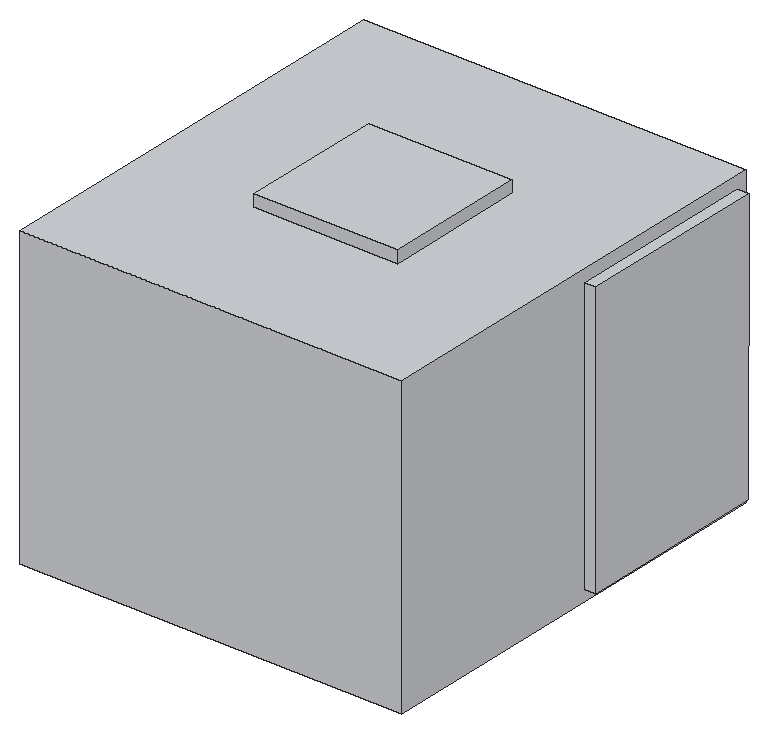
Revit family "fad8688a95ce4edf940f046740be905d", category Mechanical Equipment, Revit 2021
Family settings
  Round Connector Dimension = Use Diameter
  Part Type = Normal
  OmniClass Number = 23.75.35.17.14
  OmniClass Title = Fans, Single Units
  Seek Item ID = Fan Module - Front Discharge Up-0000-USA-ENU
  Work Plane-Based = No
  Always vertical = Yes
  Cut with Voids When Loaded = No
  Shared = No
  Room Calculation Point = No
Parameters (values of type "1800 CFM")
  Width = 1' - 4"
  Voltage = 208 V
  Symbol Motor Radius = Half Inlet Width * 0.4  # 0' - 6.4"
  Symbol Length = Fan Width / 2 - Symbol Motor Radius - 0' 2"  # 0' - 9.6"
  Radius 2 = 1 / 6 * Fan Length  # 0' - 5.33333"
  Outlet Width = Outlet Height  # 12"
  Outlet Height = 12"
  Load Classification = Cooling
  External Static Pressure [instance] = 0.75 in-wg
  Number of Poles = 3
  Inlet Width = Fan Height  # 25"
  Inlet Height = Fan Length  # 32"
  Half Inlet Width = Fan Length / 2  # 1' - 4"
  Half Inlet Height = Fan Width / 2  # 1' - 6"
  Half Fan Height = Fan Height / 2  # 1' - 0 1/2"
  Half Outlet Width = Outlet Width / 2  # 0' - 6"
  Half Outlet Height = Outlet Height / 2  # 0' - 6"
  Fan Width = 3' - 0"
  Fan Material = none
  Fan Length = 2' - 8"
  Fan Height = 2' - 1"
  Default Elevation = 0' - 0"
  Apparent Load [instance] = 13000 VA
  Air Flow [instance] = 1800 CFM
Types (17): name | Width | Voltage | Symbol Motor Radius | Symbol Length | Radius 2 | Outlet Width | Outlet Height | Inlet Width | Inlet Height | Half Inlet Width | Half Inlet Height | Half Fan Height | Half Outlet Width | Half Outlet Height | Fan Width | Fan Length | Fan Height | Apparent Load | Air Flow
  (no name) | 1' - 4" | 208 V | 0' - 6.4" | 0' - 9.6" | 0' - 5.33333" | 12" | 12" | 25" | 32" | 1' - 4" | 1' - 6" | 1' - 0 1/2" | 0' - 6" | 0' - 6" | 3' - 0" | 2' - 8" | 2' - 1" | 13000 VA | 1800 CFM
  1800 CFM | 1' - 4" | 208 V | 0' - 6.4" | 0' - 9.6" | 0' - 5.33333" | 12" | 12" | 25" | 32" | 1' - 4" | 1' - 6" | 1' - 0 1/2" | 0' - 6" | 0' - 6" | 3' - 0" | 2' - 8" | 2' - 1" | 13000 VA | 1800 CFM
  3600 CFM | 1' - 4" | 208 V | 0' - 8.8" | 0' - 10.2" | 0' - 7.33333" | 16" | 16" | 28" | 44" | 1' - 10" | 1' - 9" | 1' - 2" | 0' - 8" | 0' - 8" | 3' - 6" | 3' - 8" | 2' - 4" | 26000 VA | 3600 CFM
  4800 CFM | 1' - 4" | 208 V | 0' - 9.6" | 0' - 10.4" | 0' - 8" | 18" | 18" | 32" | 48" | 2' - 0" | 1' - 10" | 1' - 4" | 0' - 9" | 0' - 9" | 3' - 8" | 4' - 0" | 2' - 8" | 32000 VA | 4800 CFM
  6000 CFM | 1' - 4" | 208 V | 1' - 0" | 0' - 3" | 0' - 10" | 20" | 20" | 34" | 60" | 2' - 6" | 1' - 5" | 1' - 5" | 0' - 10" | 0' - 10" | 2' - 10" | 5' - 0" | 2' - 10" | 44000 VA | 6000 CFM
  7200 CFM | 1' - 4" | 208 V | 1' - 0.8" | 0' - 4.2" | 0' - 10.66667" | 22" | 22" | 38" | 64" | 2' - 8" | 1' - 7" | 1' - 7" | 0' - 11" | 0' - 11" | 3' - 2" | 5' - 4" | 3' - 2" | 53000 VA | 7200 CFM
  8400 CFM | 1' - 4" | 208 V | 1' - 1.6" | 0' - 4.4" | 0' - 11.33333" | 24" | 24" | 40" | 68" | 2' - 10" | 1' - 8" | 1' - 8" | 1' - 0" | 1' - 0" | 3' - 4" | 5' - 8" | 3' - 4" | 63000 VA | 8400 CFM
  10200 CFM | 1' - 4" | 208 V | 1' - 2.8" | 0' - 5.2" | 1' - 0.33333" | 28" | 28" | 44" | 74" | 3' - 1" | 1' - 10" | 1' - 10" | 1' - 2" | 1' - 2" | 3' - 8" | 6' - 2" | 3' - 8" | 75000 VA | 10200 CFM
  12600 CFM | 2' - 0" | 208 V | 1' - 3.2" | 0' - 7.8" | 1' - 0.66667" | 28" | 28" | 50" | 76" | 3' - 2" | 2' - 1" | 2' - 1" | 1' - 2" | 1' - 2" | 4' - 2" | 6' - 4" | 4' - 2" | 95000 VA | 12600 CFM
  15000 CFM | 2' - 0" | 208 V | 1' - 3.6" | 0' - 10.4" | 1' - 1" | 32" | 32" | 56" | 78" | 3' - 3" | 2' - 4" | 2' - 4" | 1' - 4" | 1' - 4" | 4' - 8" | 6' - 6" | 4' - 8" | 95000 VA | 15000 CFM
  18000 CFM | 2' - 0" | 208 V | 1' - 6.4" | 0' - 7.6" | 1' - 3.33333" | 32" | 32" | 56" | 92" | 3' - 10" | 2' - 4" | 2' - 4" | 1' - 4" | 1' - 4" | 4' - 8" | 7' - 8" | 4' - 8" | 120000 VA | 18000 CFM
  21000 CFM | 2' - 0" | 480 V | 1' - 7.2" | 0' - 9.8" | 1' - 4" | 34" | 34" | 62" | 96" | 4' - 0" | 2' - 7" | 2' - 7" | 1' - 5" | 1' - 5" | 5' - 2" | 8' - 0" | 5' - 2" | 120000 VA | 21000 CFM
  24000 CFM | 2' - 2 3/16" | 480 V | 1' - 10" | 0' - 7" | 1' - 6.33333" | 38" | 38" | 62" | 110" | 4' - 7" | 2' - 7" | 2' - 7" | 1' - 7" | 1' - 7" | 5' - 2" | 9' - 2" | 5' - 2" | 120000 VA | 24000 CFM
  30000 CFM | 2' - 2 3/16" | 480 V | 2' - 0" | 0' - 9" | 1' - 8" | 42" | 42" | 74" | 120" | 5' - 0" | 2' - 11" | 3' - 1" | 1' - 9" | 1' - 9" | 5' - 10" | 10' - 0" | 6' - 2" | 120000 VA | 30000 CFM
  39600 CFM | 2' - 0" | 480 V | 2' - 3.6" | 1' - 0.4" | 1' - 11" | 48" | 48" | 92" | 138" | 5' - 9" | 3' - 6" | 3' - 10" | 2' - 0" | 2' - 0" | 7' - 0" | 11' - 6" | 7' - 8" | 120000 VA | 39600 CFM
  48000 CFM | 2' - 0" | 480 V | 2' - 3.6" | 1' - 4.4" | 1' - 11" | 52" | 52" | 110" | 138" | 5' - 9" | 3' - 10" | 4' - 7" | 2' - 2" | 2' - 2" | 7' - 8" | 11' - 6" | 9' - 2" | 120000 VA | 48000 CFM
  60000 CFM | 2' - 0" | 480 V | 2' - 6.4" | 1' - 3.6" | 2' - 1.33333" | 64" | 64" | 120" | 152" | 6' - 4" | 4' - 0" | 5' - 0" | 2' - 8" | 2' - 8" | 8' - 0" | 12' - 8" | 10' - 0" | 120000 VA | 60000 CFM
Reference planes (in)
  plane 1 "Center (Front/Back)": y = 0
  plane 2: z = 0
  plane 3 "Center (Left/Right)": x = 0
  plane 4: x = -16
  plane 5: x = 16
  plane 6: y = -36
  plane 7: z = 25
  plane 8: x = -17
  plane 9: x = 17
  plane 10: z = 24
  plane 11: z = 1
  plane 12: x = -6
  plane 13: x = 6
  plane 14: y = -24
  plane 15: y = -18
  plane 16: y = -12
  plane 17: z = 26
  plane 18: z = 12.5
  plane 19: y = -18
  plane 20: y = -24.4
  plane 21: y = -34
  plane 22: x = 6.4
  plane 23: y = -1
  plane 24: y = -17
Forms (in)
  Extrusion 1, solid, material <- "Fan Material"
    sketch origin (0, 0, 0) x (1, 0, 0) y (0, 1, 0)
      loop
        line (-16, 0) -> (-16, -36) -> (16, -36) -> (16, 0) -> (-16, 0)
    from 0 to 25
  Extrusion 2, solid, material <- "Fan Material"
    sketch origin (0, 0, 0) x (1, 0, 0) y (0, 1, 0)
      loop
        line (-6, -12) -> (-6, -24) -> (6, -24) -> (6, -12) -> (-6, -12)
    from 25 to 26
  Extrusion 3, solid, material <- "Fan Material"
    sketch origin (0, 0, 0) x (0, 1, 0) y (0, 0, 1)
      loop
        line (-1, 24) -> (-17, 24) -> (-17, 1) -> (-1, 1) -> (-1, 24)
    from -17 to -16
  Extrusion 4, solid, material <- "Fan Material"
    sketch origin (0, 0, 0) x (0, 1, 0) y (0, 0, 1)
      loop
        line (-1, 24) -> (-17, 24) -> (-17, 1) -> (-1, 1) -> (-1, 24)
    from 16 to 17
Cuts and joins
  joined: Extrusion 1, Extrusion 2, Extrusion 3, Extrusion 4
Lines and regions (in)
  symbolic lines, detail levels coarse+medium
    curve 1: circle (0, -18, 12.5) r 5.33333 normal (0, 0, 1)
    curve 2: line (0, -24.4, 12.5) -> (0, -34, 12.5)
    curve 3: line (0, -34, 12.5) -> (6.4, -34, 12.5)
    curve 4: line (6.4, -34, 12.5) -> (6.4, -18, 12.5)
    curve 5: arc (6.4, -18, 12.5) -> (-4.52548, -13.47452, 12.5) -> (0, -24.4, 12.5) r 6.4
    curve 6: line (-17, 0, 12.5) -> (17, 0, 12.5)
    curve 7: line (-17, -36, 12.5) -> (-17, 0, 12.5)
    curve 8: line (17, -36, 12.5) -> (-17, -36, 12.5)
    curve 9: line (17, 0, 12.5) -> (17, -36, 12.5)
  symbolic lines, detail levels fine
    curve 10: line (-16, 0, 12.5) -> (16, 0, 12.5)
    curve 11: line (-16, -36, 12.5) -> (-16, 0, 12.5)
    curve 12: line (16, -36, 12.5) -> (-16, -36, 12.5)
    curve 13: line (16, 0, 12.5) -> (16, -36, 12.5)
    curve 14: line (-6, -12, 12.5) -> (6, -12, 12.5)
    curve 15: line (-6, -24, 12.5) -> (-6, -12, 12.5)
    curve 16: line (6, -24, 12.5) -> (-6, -24, 12.5)
    curve 17: line (6, -12, 12.5) -> (6, -24, 12.5)
    curve 18: line (-17, -1, 12.5) -> (-16, -1, 12.5)
    curve 19: line (-17, -17, 12.5) -> (-17, -1, 12.5)
    curve 20: line (-16, -17, 12.5) -> (-17, -17, 12.5)
    curve 21: line (-16, -1, 12.5) -> (-16, -17, 12.5)
    curve 22: line (16, -1, 12.5) -> (17, -1, 12.5)
    curve 23: line (16, -17, 12.5) -> (16, -1, 12.5)
    curve 24: line (17, -17, 12.5) -> (16, -17, 12.5)
    curve 25: line (17, -1, 12.5) -> (17, -17, 12.5)
Dimensions and locks (in)
  equal spacing: plane 4, plane 3 "Center (Left/Right)", plane 5
  "Half Inlet Width": plane 4 to plane 3 "Center (Left/Right)"
  "Fan Width": plane 6 to plane 1 "Center (Front/Back)"
  "Fan Height": plane 7 to plane 2
  locked: plane 4 to plane 8 at 1
  locked: plane 9 to plane 5 at 1
  locked: plane 7 to plane 10 at 1
  locked: plane 11 to plane 2 at 1
  equal spacing: plane 12, plane 3 "Center (Left/Right)", plane 13
  "Half Outlet Width": plane 12 to plane 3 "Center (Left/Right)"
  locked: plane 14 to plane 6 at 12
  equal spacing: plane 16, plane 15, plane 14
  "Half Outlet Height": plane 15 to plane 14
  locked: plane 17 to plane 7 at 1
  "Half Fan Height": plane 18 to plane 2
  equal spacing: plane 6, plane 19, plane 1 "Center (Front/Back)"
  "Half Inlet Height": plane 19 to plane 1 "Center (Front/Back)"
  "Symbol Motor Radius": plane 19 to plane 20
  "Symbol Length": plane 20 to plane 21
  "Symbol Motor Radius": plane 3 "Center (Left/Right)" to plane 22
  locked: plane 1 "Center (Front/Back)" to plane 23 at 1
  "Width": plane 23 to plane 24
  "Radius 2": radius of curve 1
  aligned and locked: plane 4 to Extrusion 1 sketch curve
  aligned and locked: plane 1 "Center (Front/Back)" to Extrusion 1 sketch curve
  aligned and locked: plane 6 to Extrusion 1 sketch curve
  aligned and locked: Extrusion 1 sketch curve to plane 5
  aligned and locked: plane 7 to Extrusion 1
  aligned and locked: Extrusion 1 to level
  aligned and locked: plane 12 to Extrusion 2 sketch curve
  aligned and locked: Extrusion 2 sketch curve to plane 16
  aligned and locked: plane 14 to Extrusion 2 sketch curve
  aligned and locked: Extrusion 2 sketch curve to plane 13
  aligned and locked: plane 17 to Extrusion 2
  aligned and locked: Extrusion 2 to plane 7
  aligned and locked: plane 3 "Center (Left/Right)" to curve 1
  aligned and locked: plane 19 to curve 1
  aligned and locked: curve 2 to plane 3 "Center (Left/Right)"
  aligned and locked: curve 3 to plane 21
  aligned and locked: plane 22 to curve 4
  aligned and locked: plane 20 to curve 5
  aligned and locked: plane 22 to curve 5
  aligned and locked: plane 19 to curve 4
  aligned and locked: plane 8 to curve 6
  aligned and locked: plane 1 "Center (Front/Back)" to curve 6
  aligned and locked: plane 6 to curve 9
  aligned and locked: curve 9 to plane 9
  aligned and locked: curve 10 to cut or joined group of Extrusion 1, Extrusion 2, Extrusion 3, Extrusion 4
  aligned and locked: curve 6 to curve 10
  aligned and locked: curve 8 to curve 13
  aligned and locked: curve 13 to cut or joined group of Extrusion 1, Extrusion 2, Extrusion 3, Extrusion 4
  aligned and locked: curve 14 to cut or joined group of Extrusion 1, Extrusion 2, Extrusion 3, Extrusion 4  (x2)
  aligned and locked: cut or joined group of Extrusion 1, Extrusion 2, Extrusion 3, Extrusion 4 to curve 17
  aligned and locked: curve 17 to cut or joined group of Extrusion 1, Extrusion 2, Extrusion 3, Extrusion 4
  aligned and locked: plane 23 to Extrusion 3 sketch curve
  aligned and locked: plane 10 to Extrusion 3 sketch curve
  aligned and locked: plane 11 to Extrusion 3 sketch curve
  aligned and locked: plane 24 to Extrusion 3 sketch curve
  aligned and locked: Extrusion 3 to plane 8
  aligned and locked: plane 4 to Extrusion 3
  aligned and locked: Extrusion 4 sketch curve to Extrusion 3  (x3)
  aligned and locked: Extrusion 3 to Extrusion 4 sketch curve
  aligned and locked: plane 9 to Extrusion 4
  aligned and locked: Extrusion 4 to plane 5
  aligned and locked: curve 7 to curve 18
  aligned and locked: curve 18 to cut or joined group of Extrusion 1, Extrusion 2, Extrusion 3, Extrusion 4
  aligned and locked: curve 21 to cut or joined group of Extrusion 1, Extrusion 2, Extrusion 3, Extrusion 4
  aligned and locked: curve 21 to curve 11
  aligned and locked: curve 13 to curve 22
  aligned and locked: curve 22 to cut or joined group of Extrusion 1, Extrusion 2, Extrusion 3, Extrusion 4
  aligned and locked: curve 25 to cut or joined group of Extrusion 1, Extrusion 2, Extrusion 3, Extrusion 4
  aligned and locked: curve 9 to curve 25
Connectors (in)
  hvac at (0, -18, 26), driven by "Outlet Width", driven by "Outlet Height", driven by "Air Flow", driven by "External Static Pressure"
    settings: on cut or joined group of Extrusion 1, Extrusion 2, Extrusion 3, Extrusion 4, index 1, duct flow 1800 CFM, flow factor 0, pres drop 0.75 in-wg, loss coef 0, conn angle 0.00°, conn width 12", conn height 12", conn diameter 24", duct sys type 29, conn prof type 1, flow config 0, flow direction 2, loss method 0, conn ref index 2, conn util no, is conn primary yes, conn desc ""
  hvac at (0, 0, 12.5), driven by "Inlet Height", driven by "Inlet Width", driven by "Air Flow"
    settings: on cut or joined group of Extrusion 1, Extrusion 2, Extrusion 3, Extrusion 4, index 2, duct flow 1800 CFM, flow factor 0, pres drop 0.00 in-wg, loss coef 0, conn angle 0.00°, conn width 25", conn height 32", conn diameter 24", duct sys type 29, conn prof type 1, flow config 0, flow direction 1, loss method 0, conn ref index 1, conn util no, is conn primary no, conn desc ""
  electrical at (-17, -9, 12.5), driven by "Apparent Load", driven by "Voltage", driven by "Number of Poles", driven by "Load Classification"
    settings: on cut or joined group of Extrusion 1, Extrusion 2, Extrusion 3, Extrusion 4, index 3, voltage 208 V, apparent load 13000 VA, apparent load phase1 0 VA, apparent load phase2 0 VA, apparent load phase3 0 VA, power factor 0.8, load classification "Cooling", number of poles 3, system type 30, power factor state 1, is connector primary yes, connector utility no, sub classification motor no, connector description ""
